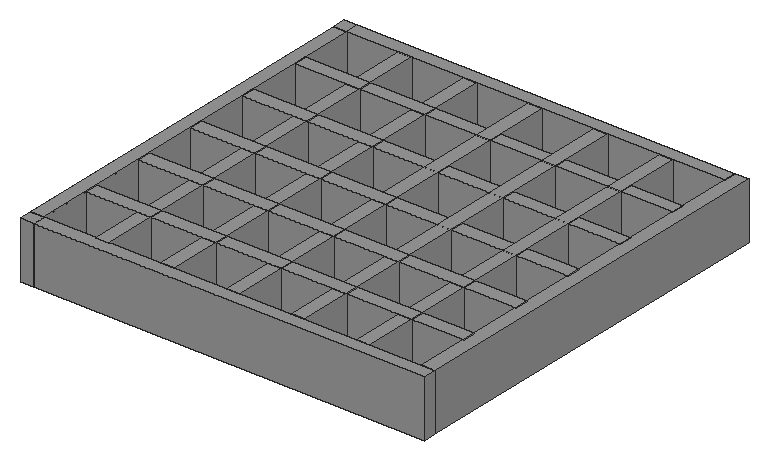
Revit family "6114-4", category Generic Models, host Ceiling, Revit 2023
Family settings
  Host = Ceiling
  Can host rebar = No
  Round Connector Dimension = Use Diameter
  Part Type = Normal
  Always vertical = Yes
  Cut with Voids When Loaded = No
  Maintain Annotation Orientation = No
  Shared = No
  Room Calculation Point = No
Parameters (values of type "6112-3")
  MEMBER THICKNESS [instance] = 0' - 0 3/4"
  Default Elevation = 0' - 0"
  Cube Depth [instance] = 0' - 3 1/4"  # constant formula
  CELL COUNT [instance] = 6  # constant formula
  .. Member Material [instance] = 9WOOD WALNUT
Types (3): name
  (no name)
  6112-3
  6113-3
Reference planes (in)
  plane 1 "Center (Front/Back)": y = 0
  plane 2 "Ceiling": z = 96
  plane 3 "Center (Left/Right)": x = 0
Dimensions and locks (in)
  equal spacing: host sketch curve, plane 3 "Center (Left/Right)", host sketch curve
  equal spacing: host sketch curve, plane 1 "Center (Front/Back)", host sketch curve
  host sketch curve to host sketch curve = 10' - 0"  (x2)
  aligned and locked: host ceiling to nested 1
Nested families (in)
  nested 1: "6100 Start" at (-406.11614, -294.13883, 72.37482), Actual Depth <- "Cube Depth", Member Material <- ".. Member Material", MEMBER COUNT <- "CELL COUNT", MEMBER THICKNESS <- "MEMBER THICKNESS", type "6100 Start"
    with W1 CALC 1' - 10 1/4", T1 1' - 9 1/2", Member Material 9WOOD WALNUT, MEMBER THICKNESS 0' - 0 3/4", MEMBER COUNT 6, D2 TYP 0' - 3.70833", Actual Depth 0' - 3 1/4", .. Half Member Width 0' - 0 3/8"
Definition of nested family "6100 Start"
  Parameters (values of type "6100 Start")
    W1 CALC [instance] = 1' 9 1/2" + MEMBER THICKNESS  # 1' - 10 1/8"
    T1 [instance] = 1' - 9 1/2"  # constant formula
    Member Material [instance] = none
    .. Half Member Width [instance] = MEMBER THICKNESS / 2  # 0' - 0 5/16"
    Actual Depth [instance] = 0' - 2 1/4"
    MEMBER THICKNESS [instance] = 0' - 0 5/8"
    Default Elevation = 0' - 2 25/32"
    D2 TYP [instance] = (T1 + MEMBER THICKNESS) / MEMBER COUNT  # 0' - 5 17/32"
    MEMBER COUNT [instance] = 4
  Reference planes (in)
    plane 1 "Center (Front/Back)": y = 286.63756
    plane 2: z = 0
    plane 3 "Center (Left/Right)": x = 398.71958
    plane 4: y = 308.88756
    plane 5: x = 420.96958
    plane 6: x = 399.46958
    plane 7: y = 287.38756
    plane 8: x = 420.96958
    plane 9: x = 420.96958
    plane 10: z = 23.62518
    plane 11: x = 399.46958
    plane 12: y = 309.20006
    plane 13: y = 303.66881
    plane 14: x = 399.15708
    plane 15: x = 404.68833
  Dimensions and locks (in)
    "T1": plane 4 to plane 7
    "T1": plane 6 to plane 5
    ".. Half Member Width": plane 14 to plane 6
    ".. Half Member Width": plane 12 to plane 4
    "D2 TYP": plane 12 to plane 13
    "D2 TYP": plane 14 to plane 15
    equal spacing: group 1, group 3, group 4, group 7  (x2)
    equal spacing: group 7, group 4, group 3, group 1
    equal spacing: group 2, group 5, group 6, group 8
    equal spacing: group 8, group 6, group 5, group 2  (x2)
    aligned and locked: plane 2 to level
    aligned and locked: plane 4 to nested 1  (x2)
    aligned and locked: plane 5 to nested 2
    aligned and locked: plane 7 to nested 3
    aligned and locked: nested 3 to plane 6
    aligned and locked: nested 4 to plane 8
    aligned and locked: nested 4 to plane 7
    aligned and locked: nested 5 to plane 4
    aligned and locked: nested 5 to plane 9
    aligned and locked: plane 6 to nested 6
    aligned and locked: plane 4 to nested 6
    aligned and locked: plane 10 to nested 2
    aligned and locked: nested 5 to plane 10
    aligned and locked: nested 3 to plane 10
    aligned and locked: nested 6 to plane 10
    aligned and locked: nested 4 to plane 10
    aligned and locked: plane 11 to nested 6
    aligned and locked: plane 14 to nested 1
    aligned and locked: plane 15 to nested 7
    aligned and locked: nested 2 to plane 12
    aligned and locked: nested 9 to plane 13
    aligned and locked: plane 10 to nested 12
    aligned and locked: plane 10 to nested 11
    aligned and locked: plane 10 to nested 8
  Nested families (in)
    nested 1: "Only Box" at (399.15708, 298.13756, 21.37518), Width <- "MEMBER THICKNESS", Length <- "T1", Depth <- "Actual Depth", Material <- "Member Material", type "Only Box"
      with Width 0' - 0 5/8", Material none, Length 1' - 9 1/2", Depth 0' - 2 1/4"
    nested 2: "Only Box" at (410.21958, 309.20006, 21.37518), Length <- "MEMBER THICKNESS", Depth <- "Actual Depth", Material <- "Member Material", type "Only Box"
      with Width 1' - 9 1/2", Material none, Length 0' - 0 5/8", Depth 0' - 2 1/4"
    nested 3: "Only Box 2" at (438.46958, 259.37199, 23.62518) x (0, -1, 0) z (0, 0, 1), Depth <- "Actual Depth", Length <- "MEMBER THICKNESS", Material <- "Member Material", Width <- "W1 CALC", type "Only Box 2"
      with Width 1' - 10 1/8", Material none, Length 0' - 0 5/8", Depth 0' - 2 1/4"
    nested 4: "Only Box 2" at (448.98515, 326.38756, 23.62518), Depth <- "Actual Depth", Length <- "MEMBER THICKNESS", Material <- "Member Material", Width <- "W1 CALC", type "Only Box 2"
      with Width 1' - 10 1/8", Material none, Length 0' - 0 5/8", Depth 0' - 2 1/4"
    nested 5: "Only Box 2" at (381.96958, 336.90313, 23.62518) x (0, 1, 0) z (0, 0, 1), Depth <- "Actual Depth", Length <- "MEMBER THICKNESS", Material <- "Member Material", Width <- "W1 CALC", type "Only Box 2"
      with Width 1' - 10 1/8", Material none, Length 0' - 0 5/8", Depth 0' - 2 1/4"
    nested 6: "Only Box 2" at (371.45401, 269.88756, 23.62518) x (-1, 0, 0) z (0, 0, 1), Depth <- "Actual Depth", Length <- "MEMBER THICKNESS", Material <- "Member Material", Width <- "W1 CALC", type "Only Box 2"
      with Width 1' - 10 1/8", Material none, Length 0' - 0 5/8", Depth 0' - 2 1/4"
    nested 7: "Only Box" at (404.68833, 298.13756, 21.37518), Width <- "MEMBER THICKNESS", Length <- "T1", Depth <- "Actual Depth", Material <- "Member Material", type "Only Box"
      with Width 0' - 0 5/8", Material none, Length 1' - 9 1/2", Depth 0' - 2 1/4"
    nested 8: "Only Box" at (410.21958, 298.13756, 21.37518), Width <- "MEMBER THICKNESS", Length <- "T1", Depth <- "Actual Depth", Material <- "Member Material", type "Only Box"
      with Width 0' - 0 5/8", Material none, Length 1' - 9 1/2", Depth 0' - 2 1/4"
    nested 9: "Only Box" at (410.21958, 303.66881, 21.37518), Length <- "MEMBER THICKNESS", Depth <- "Actual Depth", Material <- "Member Material", type "Only Box"
      with Width 1' - 9 1/2", Material none, Length 0' - 0 5/8", Depth 0' - 2 1/4"
    nested 10: "Only Box" at (410.21958, 298.13756, 21.37518), Length <- "MEMBER THICKNESS", Depth <- "Actual Depth", Material <- "Member Material", type "Only Box"
      with Width 1' - 9 1/2", Material none, Length 0' - 0 5/8", Depth 0' - 2 1/4"
    nested 11: "Only Box" at (415.75083, 298.13756, 21.37518), Width <- "MEMBER THICKNESS", Length <- "T1", Depth <- "Actual Depth", Material <- "Member Material", type "Only Box"
      with Width 0' - 0 5/8", Material none, Length 1' - 9 1/2", Depth 0' - 2 1/4"
    nested 12: "Only Box" at (410.21958, 292.60631, 21.37518), Length <- "MEMBER THICKNESS", Depth <- "Actual Depth", Material <- "Member Material", type "Only Box"
      with Width 1' - 9 1/2", Material none, Length 0' - 0 5/8", Depth 0' - 2 1/4"
  Definition of nested family "Only Box"
    Parameters
      Width [instance] = 4' - 8.03114"
      Material [instance] = none
      Length [instance] = 6' - 6"
      Depth [instance] = 2' - 8"
      Default Elevation = 0' - 0"
    Reference planes (in)
      plane 1 "Center (Front/Back)": y = 0
      plane 2: z = 0
      plane 3 "Center (Left/Right)": x = 0
      plane 4: x = -28.01557
      plane 5: x = 28.01557
      plane 6: y = 39
      plane 7: y = -39
      plane 8: z = 32
    Forms (in)
      Extrusion 1, solid, material <- "Material"
        sketch origin (0, 0, 0) x (1, 0, 0) y (0, 1, 0)
          loop
            line (-28.01557, 39) -> (-28.01557, -39) -> (28.01557, -39) -> (28.01557, 39) -> (-28.01557, 39)
        from 0 to 32
    Dimensions and locks (in)
      equal spacing: plane 6, plane 1 "Center (Front/Back)", plane 7
      equal spacing: plane 4, plane 3 "Center (Left/Right)", plane 5
      "Width": plane 4 to plane 5
      "Length": plane 6 to plane 7
      "Depth": plane 8 to level
      aligned and locked: plane 2 to level
      aligned and locked: Extrusion 1 sketch curve to plane 6
      aligned and locked: plane 4 to Extrusion 1 sketch curve
      aligned and locked: plane 7 to Extrusion 1 sketch curve
      aligned and locked: Extrusion 1 sketch curve to plane 5
      aligned and locked: plane 8 to Extrusion 1
      aligned and locked: Extrusion 1 to level
  Definition of nested family "Only Box 2"
    Parameters (values of type "Only Box 2")
      Width [instance] = 4' - 8.03114"
      Material [instance] = none
      Length [instance] = 6' - 6"
      Depth [instance] = 2' - 8"
      Default Elevation = 0' - 0"
    Reference planes (in)
      plane 1 "Center (Front/Back)": y = 39
      plane 2: z = 0
      plane 3 "Center (Left/Right)": x = -28.01557
      plane 4: x = 49.98443
      plane 5: y = -17.03114
      plane 6: z = -32
      plane 7: x = 10.98443
      plane 8: y = 10.98443
    Forms (in)
      Extrusion 1, solid, material <- "Material"
        sketch origin (0, 0, 0) x (1, 0, 0) y (0, 1, 0)
          loop
            line (-28.01557, 39) -> (-28.01557, -17.03114) -> (49.98443, -17.03114) -> (49.98443, 39) -> (-28.01557, 39)
        from 0 to -32
    Dimensions and locks (in)
      "Length": plane 3 "Center (Left/Right)" to plane 4
      "Width": plane 5 to plane 1 "Center (Front/Back)"
      "Depth": level to plane 6
      equal spacing: plane 3 "Center (Left/Right)", plane 7, plane 4
      equal spacing: plane 1 "Center (Front/Back)", plane 8, plane 5
      aligned and locked: plane 2 to level
      aligned and locked: Extrusion 1 to level
      aligned and locked: Extrusion 1 to plane 3 "Center (Left/Right)"
      aligned and locked: Extrusion 1 to plane 1 "Center (Front/Back)"
      aligned and locked: plane 4 to Extrusion 1
      aligned and locked: Extrusion 1 to plane 5
      aligned and locked: Extrusion 1 to plane 6
    Automatic sketch dimensions
      Extrusion 1 sketch curve to plane 1 "Center (Front/Back)" = 0' - 0"
      plane 1 "Center (Front/Back)" to Extrusion 1 sketch curve = 4' - 8.03114"
      Extrusion 1 sketch curve to plane 3 "Center (Left/Right)" = 0' - 0"
      plane 3 "Center (Left/Right)" to Extrusion 1 sketch curve = 6' - 6"
